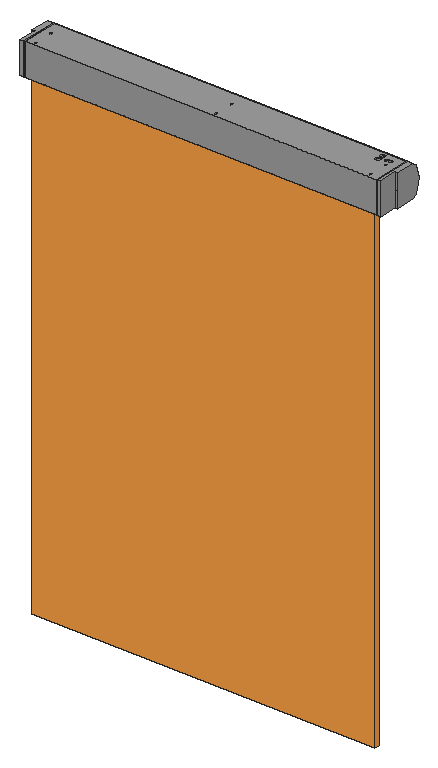
Revit family "Thermoscreens_AirCurtain_C2000NT", category Mechanical Equipment, Revit 2015
Parameters (values of type "C2000A NT")
  WarrantyStartDate(default) = "From date sold"
  WarrantyGuarantorParts = "2 years"
  WarrantyGuarantorLabour = "2 years"
  WarrantyDurationParts = "2 years"
  WarrantyDurationLabour = "2 years"
  WarrantyDescription = "Unit fully covered for 2 years"
  Version = "1.0"
  Uniclass2 = "G52HVAC"
  Type Comments = ""
  TgeNumber(default) = "n/a"
  SustainabilityPerformance = "n/a"
  Shape = "n/a"
  Weight (kg) = "31"
  Usage current = "1.1"
  Unit Width = 233.4 mm
  Unit Length = 2200 mm
  URL = "http://www.thermoscreens.com/"
  TubingLength = "n/a"
  ThermalMassHeatCapacity = "n/a"
  ThermalEfficiency = "n/a"
  TempertureClassification = "Low temperture"
  Supply (50Hz) = "230V~1P&N"
  Status = "New"
  Size = "1137 x 198 x 275"
  ServiceLifeType = "Full cover for 2 years"
  ServiceLifeDuration = "2years"
  SerialNumber(default) = "n/a"
  Right hand assembly = yes
  ReplacementCost = "n/a"
  ReferenceStandard = "n/a"
  Reference = "n/a"
  RatedVoltage = "230v+N"
  ProductionYear = "2015"
  Product URL = "http://www.thermoscreens.com/our-product-range/c-range"
  Process = "n/a"
  PowerFactor = "n/a"
  PowerCurrent = "1.0"
  PlacementType = "n/a"
  PhaseReference = "L1 L2 L3+N+E"
  PhaseAngle = "n/a"
  OutputCapacity = "n/a"
  NumberOfSections = "n/a"
  NumberOfPoles = "n/a"
  NumberOfPanels = "n/a"
  NominalWidth = "198mm"
  NominalVoltage = "n/a"
  NominalLength = "2200mm"
  NominalHeight = "275mm"
  NominalFrequencyRange = "n/a"
  NominalCurrent = "+5% of 230v"
  NBSTypeID = "n/a"
  NBSReference = "n/a"
  NBSNote = "n/a"
  NBSDecription = "Surface mounted air curtain"
  ModelReference = "C2000A NT"
  Model = "C2000A NT"
  Min to max offset from floor = "up to 3meters"
  MethodOfMeasurement = "mm"
  MaxiumMountingHeight = "3000"
  Max.Velocity (m/s) = "9.0"
  Max. Air Volume (m3/h) = "2500"
  Material = "20 gauge sheet steel"
  ManufacturerURL = "http://www.thermoscreens.com/"
  Manufacturer = "Thermoscreens LTD"
  Loading (A)*per phase = "1.1"
  LifeCyclePhase = "n/a"
  Left hand assembly = yes
  Keynote = ""
  IssueDate = "23/03/15"
  InsulationStandardClass = "n/a"
  InstallationDate(default) = "n/a"
  IfcExportType = "n/a"
  IfcExportAs = "n/a"
  IP_Code = "IP21"
  Help = "http://www.thermoscreens.com/contact-us"
  HeatTransferMedium = "n/a"
  HeatTransferDimension = "n/a"
  HeatSource = "Electric heated elements or low pressure hot water coils"
  Heat Output (kW) = "N/A"
  HasProtectiveEarth = "True"
  Grade = "n/a"
  Finish = "Corrision resistant pre-finished 20 gauge sheet steel"
  Filters (optional) = "PS media"
  Features = "n/a"
  Fans = "100mm forward curved metal bladed crossflow impellers"
  EnergySource = "n/a"
  ElectrialDeviceNominalPower = "n/a"
  DocumentReference = "n/a"
  Description = "Thermoscreens C range of air curtains are compact and are the ideal solution where space is at a premium. The air curtains will provide climate separation and available in standard widths of 1, 1.5 and 2m.  Models available are ambient (without heating), electrical or water heated versions. Water heated (LPHW) versions are available with 2 row coils. Motorised three port valves are supplied as standard with all LPHW models. Electrical and LPHW models are supplied complete with Ecopower control."
  Created By = "Daniel Smith"
  Cost = 0
  Constituents = "n/a"
  ConductorFunction = "n/a"
  Colour = "RAL standard 9010 (white) this can be changed upon request of the customer"
  CodePerformance = "n/a"
  Center Y = Unit Width / 2  # 116.7 mm
  Center X = Unit Length / 2  # 1100 mm
  BodyMass(kg) = "31"
  BarCode(default) = "n/a"
  BIMObjectName = "Thermoscreens_AirCurtian_C2000ANT"
  Author = "Thermoscreens ltd"
  AssetIdentifier(default) = "n/a"
  Air flow direction = yes
  Air flow = yes
  **dB(A) @3m Med = "54"
  **dB(A) @3m Low = "50"
  **dB(A) @3m High = "56"
Types (4, lengths in mm): name | Type Comments | Weight (kg) | Usage current | Supply (50Hz) | RatedVoltage | PowerCurrent | NominalCurrent | ModelReference | Model | Max.Velocity (m/s) | Loading (A)*per phase | Keynote | Heat Output (kW) | BodyMass(kg) | BIMObjectName
  (no name) | "" | "31" | "1.1" | "230V~1P&N" | "230v+N" | "1.0" | "+5% of 230v" | "C2000A NT" | "C2000A NT" | "9.0" | "1.1" | "" | "N/A" | "31" | "Thermoscreens_AirCurtian_C2000ANT"
  C2000A NT | "" | "31" | "1.1" | "230V~1P&N" | "230v+N" | "1.0" | "+5% of 230v" | "C2000A NT" | "C2000A NT" | "9.0" | "1.1" | "" | "N/A" | "31" | "Thermoscreens_AirCurtian_C2000ANT"
  C2000E NT | "0.0" | "33" | "27.2" | "400V~3P&N" | "400v+N" | "n/a" | "+5% of 400v" | "C2000E NT" | "C2000E NT" | "9.0" | "27.2" | "0.0" | "9/18" | "33" | "Thermoscreens_AirCurtian_C2000ENT"
  C2000W NT | "0.0" | "41" | "1.1" | "230V~1P&N" | "230v+N" | "n/a" | "+5% of 230v" | "C2000W NT" | "C2000W NT" | "8.5" | "1.1" | "0.0" | "12" | "41" | "Thermoscreens_AirCurtian_C2000WNT"
Reference planes
  plane 1 "Center (Front/Back)": y = 0
  plane 2: z = 3000
  plane 3 "Center (Left/Right)": x = 0
Forms (mm)
  Extrusion 1, solid, material "Default"
    sketch origin (0, 0, 3000) x (1, 0, 0) y (0, 1, 0)
      loop
        line (-1100, 116.7) -> (-1100, -116.7) -> (1100, -116.7) -> (1100, 116.7) -> (-1100, 116.7)
    from 0 to 1.2
  Extrusion 2, solid, material "Default"
    sketch origin (1100, -116.7, 3000) x (-1, 0, 0) y (0, 0, -1)
      loop
        line (0, 0) -> (0, -198) -> (2200, -198) -> (2200, 0) -> (0, 0)
    from 0 to -1.2
  Extrusion 3, solid, material "Default"
    sketch origin (1100, 116.7, 3000) x (0, -1, 0) y (0, 0, -1)
      loop
        line (233.4, -198) -> (233.4, 0) -> (0, 0) -> (0, -198) -> (233.4, -198)
    from 0 to -1.2
  Extrusion 4, solid, material "Default"
    sketch origin (-1100, -116.7, 3000) x (0, 1, 0) y (0, 0, -1)
      loop
        line (233.4, -198) -> (233.4, 0) -> (0, 0) -> (0, -198) -> (233.4, -198)
    from 0 to -1.2
  Extrusion 5, solid, material "Default"
    sketch origin (-1100, 116.7, 3198) x (0, -1, 0) y (1, 0, 0)
      loop
        line (0, 2198.914) -> (0, 0) -> (233.4, 0) -> (233.4, 2198.914) -> (0, 2198.914)
    from 0 to -1.2
  Extrusion 6, solid, material "Default"
    sketch origin (-1100, -116.7, 3198) x (0, 0, -1) y (0, -1, 0)
      loop
        line (198, -233.4) -> (0, -233.4) -> (15.363, -251.708)
        arc (15.363, -251.708) -> (99, -274.6) -> (182.637, -251.708) r 164.236
        line (182.637, -251.708) -> (198, -233.4)
    from 0 to -2200
  Extrusion 7, void
    sketch origin (-935, -116.7, 3000) x (-1, 0, 0) y (0, -1, 0)
      loop
        line (135, -21.2) -> (-2005, -21.2) -> (-2005, -51.2) -> (135, -51.2) -> (135, -21.2)
    from 0 to 20
  Extrusion 8, solid, material "Default"
    sketch origin (1100, -116.7, 3000) x (0, 0, 1) y (0, -1, 0)
      loop
        line (198, -233.4) -> (198, 0) -> (0, 0) -> (0, -233.4) -> (15.363, -251.708)
        arc (15.363, -251.708) -> (99, -274.6) -> (182.637, -251.708) r 164.236
        line (182.637, -251.708) -> (198, -233.4)
    from 0 to 25.1
  Extrusion 9, solid, material "Default"
    sketch origin (1125.1, -116.7, 3000) x (0, 0, 1) y (0, -1, 0)
      loop
        line (99, -111.7) -> (0, -111.7) -> (0, -233.4) -> (15.363, -251.708)
        arc (15.363, -251.708) -> (99, -274.6) -> (182.637, -251.708) r 164.236
        line (182.637, -251.708) -> (198, -233.4) -> (198, -111.7) -> (99, -111.7)
    from 0 to 15
  Extrusion 10, solid, material "Default"
    sketch origin (-1100, -116.7, 3198) x (0, 0, -1) y (0, -1, 0)
      loop
        line (0, 0) -> (0, -233.4) -> (15.363, -251.708)
        arc (15.363, -251.708) -> (99, -274.6) -> (182.637, -251.708) r 164.236
        line (182.637, -251.708) -> (198, -233.4) -> (198, 0) -> (0, 0)
    from 0 to 25.1
  Extrusion 11, solid, material "Default"
    sketch origin (-1125.1, -116.7, 3198) x (0, 0, -1) y (0, -1, 0)
      loop
        line (0, -233.4) -> (15.363, -251.708)
        arc (15.363, -251.708) -> (99, -274.6) -> (182.637, -251.708) r 164.236
        line (182.637, -251.708) -> (198, -233.4) -> (198, -111.7) -> (99, -111.7) -> (0, -111.7) -> (0, -233.4)
    from 0 to 15
  Extrusion 12, void
    sketch origin (1100, -116.7, 3198) x (0, -1, 0) y (-1, 0, 0)
      loop
        circle (-21, 2145.1) r 5
      loop
        circle (-141, 2145.1) r 5
      loop
        circle (-141, 54.9) r 5
      loop
        circle (-21, 54.9) r 5
    from 0 to 1.2
  Extrusion 13, void
    sketch origin (1100, -116.7, 3198) x (0, -1, 0) y (-1, 0, 0)
      loop
        circle (-195.093, 120.9) r 15
      loop
        circle (-162.093, 120.9) r 15
      loop
        circle (-177.093, 79.905) r 10
      loop
        circle (-177.093, 53.839) r 10
    from 0 to 1.2
  Extrusion 14, void
    sketch origin (1100, -116.7, 3198) x (0, -1, 0) y (-1, 0, 0)
      loop
        circle (-141, 1018.9) r 5
      loop
        circle (-21.2, 1018.9) r 5
    from 0 to 1.2
  Extrusion 15, solid, material "Default New Material", visible <- "Air flow"
    sketch origin (-1100, -116.7, 3000) x (0, -1, 0) y (-1, 0, 0)
      loop
        line (-51.2, -2170) -> (-21.2, -2170) -> (-21.2, -30) -> (-51.2, -30) -> (-51.2, -2170)
    from 0 to 3000
Cuts and joins
  Extrusion 7, Extrusion 12, Extrusion 13, Extrusion 14 cuts Extrusion 1
  Extrusion 7, Extrusion 12, Extrusion 13, Extrusion 14 cuts Extrusion 2
  Extrusion 7, Extrusion 12, Extrusion 13, Extrusion 14 cuts Extrusion 3
  Extrusion 7, Extrusion 12, Extrusion 13, Extrusion 14 cuts Extrusion 4
  Extrusion 7, Extrusion 12, Extrusion 13, Extrusion 14 cuts Extrusion 5
  joined: Extrusion 1, Extrusion 2, Extrusion 3, Extrusion 4, Extrusion 5
  joined: Extrusion 10, Extrusion 11
  joined: Extrusion 8, Extrusion 9
Lines and regions (mm)
  model lines, visible <- "Air flow direction", detail levels fine
    curve 1: line (0, -81.532, 2990) -> (0, -79.505, 2990)
    curve 2: line (0, -79.505, 2990) -> (0, -79.505, 2980)
    curve 3: line (0, -79.505, 2980) -> (0, -77.505, 2980)
    curve 4: line (0, -81.532, 2990) -> (0, -81.532, 2980)
    curve 5: line (0, -81.532, 2980) -> (0, -83.532, 2980)
    curve 6: line (0, -80.5, 2973) -> (0, -83.532, 2980)
    curve 7: line (0, -80.5, 2973) -> (0, -77.505, 2980)
Dimensions and locks
  "Center Y": plane 1 "Center (Front/Back)" to Extrusion 1 sketch curve
  "Unit Width": Extrusion 1 sketch curve to Extrusion 1 sketch curve
  "Center X": Extrusion 1 sketch curve to plane 3 "Center (Left/Right)"
  "Unit Length": Extrusion 1 sketch curve to Extrusion 1 sketch curve
  Extrusion 7 sketch curve to cut or joined group 1 (Extrusion 1, Extrusion 2, Extrusion 3, Extrusion 4, Extrusion 5, Extrusion 7, Extrusion 12, Extrusion 13, Extrusion 14) = 30 mm
  Extrusion 7 sketch curve to Extrusion 7 sketch curve = 2140 mm
  cut or joined group 1 to Extrusion 7 sketch curve = 20 mm
  Extrusion 12 sketch curve to Extrusion 11 = 95 mm  (x2)
  Extrusion 12 sketch curve to Extrusion 12 sketch curve = 120 mm  (x2)
  Extrusion 9 to Extrusion 12 sketch curve = 95 mm  (x2)
  cut or joined group 1 to Extrusion 12 sketch curve = 21 mm  (x2)
  Extrusion 9 to Extrusion 13 sketch curve = 161 mm  (x2)
  Extrusion 13 sketch curve to Extrusion 13 sketch curve = 33 mm
  aligned and locked: level to plane 2
Automatic sketch dimensions
  curve 6 to level = 20 mm
  plane 1 "Center (Front/Back)" to curve 6 = 83.532 mm
  curve 5 to curve 1 = 2 mm
  curve 6 to level = 27 mm
  curve 4 to curve 6 = 1.032 mm
  curve 1 to curve 2 = 2.027 mm
  curve 7 to level = 20 mm
  curve 2 to curve 7 = 2 mm
  curve 2 to curve 2 = 10 mm
  Extrusion 2 sketch curve to Extrusion 1 = 0 mm  (x3)
  Extrusion 2 sketch curve to Extrusion 1 = 196.8 mm
  Extrusion 3 sketch curve to Extrusion 1 = 0 mm  (x3)
  Extrusion 3 sketch curve to Extrusion 1 = 196.8 mm
  Extrusion 4 sketch curve to Extrusion 1 = 0 mm  (x3)
  Extrusion 4 sketch curve to Extrusion 1 = 196.8 mm
  Extrusion 5 sketch curve to Extrusion 4 = 0 mm  (x2)
  Extrusion 4 to Extrusion 5 sketch curve = 0 mm
  Extrusion 5 sketch curve to Extrusion 4 = 2197.714 mm
  Extrusion 6 sketch curve to Extrusion 2 = 0 mm  (x2)
  Extrusion 2 to Extrusion 6 sketch curve = 15.363 mm
  Extrusion 2 to Extrusion 6 sketch curve = 99 mm
  Extrusion 6 sketch curve to Extrusion 2 = 15.363 mm
  Extrusion 6 sketch curve to Extrusion 2 = 250.508 mm
  Extrusion 6 sketch curve to Extrusion 6 sketch curve = 18.308 mm
  Extrusion 6 sketch curve to Extrusion 2 = 109.164 mm
  Extrusion 2 to Extrusion 8 sketch curve = 0 mm
  Extrusion 8 sketch curve to Extrusion 2 = 0 mm  (x2)
  Extrusion 2 to Extrusion 8 sketch curve = 15.363 mm  (x2)
  Extrusion 2 to Extrusion 8 sketch curve = 99 mm
  Extrusion 8 sketch curve to Extrusion 2 = 109.164 mm
  Extrusion 8 sketch curve to Extrusion 8 sketch curve = 123.036 mm  (x2)
  Extrusion 8 sketch curve to Extrusion 8 sketch curve = 18.308 mm
  Extrusion 8 to Extrusion 9 sketch curve = 0 mm  (x2)
  Extrusion 9 sketch curve to Extrusion 8 = 0 mm  (x4)
  Extrusion 9 sketch curve to Extrusion 9 sketch curve = 0 mm
  Extrusion 9 sketch curve to Extrusion 9 sketch curve = 1.336 mm
  Extrusion 10 sketch curve to Extrusion 2 = 0 mm  (x3)
  Extrusion 2 to Extrusion 10 sketch curve = 15.363 mm
  Extrusion 2 to Extrusion 10 sketch curve = 99 mm
  Extrusion 10 sketch curve to Extrusion 2 = 15.363 mm
  Extrusion 10 sketch curve to Extrusion 2 = 109.164 mm
  Extrusion 10 sketch curve to Extrusion 10 sketch curve = 123.036 mm  (x2)
  Extrusion 10 sketch curve to Extrusion 10 sketch curve = 18.308 mm
  Extrusion 11 sketch curve to Extrusion 10 = 0 mm  (x5)
  Extrusion 10 to Extrusion 11 sketch curve = 0 mm
  Extrusion 11 sketch curve to Extrusion 11 sketch curve = 0 mm
  Extrusion 11 sketch curve to Extrusion 11 sketch curve = 1.336 mm
  Extrusion 14 sketch curve to Extrusion 2 = 139.8 mm
  Extrusion 14 sketch curve to Extrusion 2 = 20 mm
  Extrusion 14 sketch curve to Extrusion 2 = 1018.9 mm
  Extrusion 14 sketch curve to Extrusion 14 sketch curve = 0 mm
  Extrusion 7 sketch curve to Extrusion 7 sketch curve = 30 mm
  Extrusion 13 sketch curve to Extrusion 2 = 193.893 mm
  Extrusion 13 sketch curve to Extrusion 13 sketch curve = 15 mm
  Extrusion 13 sketch curve to Extrusion 13 sketch curve = 0 mm
  Extrusion 13 sketch curve to Extrusion 13 sketch curve = 40.995 mm
  Extrusion 13 sketch curve to Extrusion 13 sketch curve = 26.066 mm
  Extrusion 2 to Extrusion 15 sketch curve = 50 mm
  Extrusion 2 to Extrusion 15 sketch curve = 20 mm
  Extrusion 15 sketch curve to Extrusion 2 = 30 mm
  Extrusion 2 to Extrusion 15 sketch curve = 30 mm
  radius of Extrusion 9 sketch curve to Extrusion 8 = 0 mm
  radius of Extrusion 11 sketch curve to Extrusion 10 = 0 mm
  radius of Extrusion 14 sketch curve = 5 mm  (x2)
  radius of Extrusion 12 sketch curve = 5 mm  (x4)
  radius of Extrusion 13 sketch curve = 15 mm  (x2)
  radius of Extrusion 13 sketch curve = 10 mm  (x2)
Connectors
  piping at (-1045.1, 24.3, 3198), diameter 10
    settings: on cut or joined group 1, index 3, connector inside diameter 609.6 mm, connector length 0 mm, flow factor 0, pipe flow 0.0 L/s, pressure drop 0.0 Pa, fitting loss kfactor 0, connector angle 0.00°, fixture units 0, engagement length 0 mm, angle of deflection 0.00°, flow configuration 0, flow direction 0, fitting loss method 0, system type 28, joint type 0, gender type 0, connector reference index -1, connector utility 0, adjustable connector no, is connector primary yes, connector description ""
  piping at (-1045.1, -95.7, 3198), diameter 10
    settings: on cut or joined group 1, index 4, connector inside diameter 609.6 mm, connector length 0 mm, flow factor 0, pipe flow 0.0 L/s, pressure drop 0.0 Pa, fitting loss kfactor 0, connector angle 0.00°, fixture units 0, engagement length 0 mm, angle of deflection 0.00°, flow configuration 0, flow direction 0, fitting loss method 0, system type 28, joint type 0, gender type 0, connector reference index -1, connector utility 0, adjustable connector no, is connector primary no, connector description ""
  piping at (81.1, 24.3, 3196.8), diameter 10
    settings: on cut or joined group 1, index 5, connector inside diameter 609.6 mm, connector length 0 mm, flow factor 0, pipe flow 0.0 L/s, pressure drop 0.0 Pa, fitting loss kfactor 0, connector angle 0.00°, fixture units 0, engagement length 0 mm, angle of deflection 0.00°, flow configuration 0, flow direction 0, fitting loss method 0, system type 28, joint type 0, gender type 0, connector reference index -1, connector utility 0, adjustable connector no, is connector primary no, connector description ""
  piping at (81.1, -95.5, 3196.8), diameter 10
    settings: on cut or joined group 1, index 6, connector inside diameter 609.6 mm, connector length 0 mm, flow factor 0, pipe flow 0.0 L/s, pressure drop 0.0 Pa, fitting loss kfactor 0, connector angle 0.00°, fixture units 0, engagement length 0 mm, angle of deflection 0.00°, flow configuration 0, flow direction 0, fitting loss method 0, system type 28, joint type 0, gender type 0, connector reference index -1, connector utility 0, adjustable connector no, is connector primary no, connector description ""
  piping at (1045.1, 24.3, 3196.8), diameter 10
    settings: on cut or joined group 1, index 7, connector inside diameter 609.6 mm, connector length 0 mm, flow factor 0, pipe flow 0.0 L/s, pressure drop 0.0 Pa, fitting loss kfactor 0, connector angle 0.00°, fixture units 0, engagement length 0 mm, angle of deflection 0.00°, flow configuration 0, flow direction 0, fitting loss method 0, system type 28, joint type 0, gender type 0, connector reference index -1, connector utility 0, adjustable connector no, is connector primary no, connector description ""
  piping at (1045.1, -95.7, 3196.8), diameter 10
    settings: on cut or joined group 1, index 8, connector inside diameter 609.6 mm, connector length 0 mm, flow factor 0, pipe flow 0.0 L/s, pressure drop 0.0 Pa, fitting loss kfactor 0, connector angle 0.00°, fixture units 0, engagement length 0 mm, angle of deflection 0.00°, flow configuration 0, flow direction 0, fitting loss method 0, system type 28, joint type 0, gender type 0, connector reference index -1, connector utility 0, adjustable connector no, is connector primary no, connector description ""
  electrical at (1020.095, 60.393, 3196.8)
    settings: on cut or joined group 1, index 9, voltage 0 V, apparent load 0 VA, apparent load phase1 0 VA, apparent load phase2 0 VA, apparent load phase3 0 VA, power factor 1, load classification "Other", number of poles 1, system type 14, power factor state 1, is connector primary yes, connector utility no, sub classification motor no, connector description ""
  electrical at (1046.161, 60.393, 3198)
    settings: on cut or joined group 1, index 10, voltage 0 V, apparent load 0 VA, apparent load phase1 0 VA, apparent load phase2 0 VA, apparent load phase3 0 VA, power factor 1, load classification "Other", number of poles 1, system type 14, power factor state 1, is connector primary no, connector utility no, sub classification motor no, connector description ""
  piping at (979.1, 78.393, 3196.8), diameter 30
    settings: on cut or joined group 1, index 11, connector inside diameter 609.6 mm, connector length 0 mm, flow factor 0, pipe flow 0.0 L/s, pressure drop 0.0 Pa, fitting loss kfactor 0, connector angle 0.00°, fixture units 0, engagement length 0 mm, angle of deflection 0.00°, flow configuration 0, flow direction 1, fitting loss method 0, system type 19, joint type 0, gender type 0, connector reference index -1, connector utility 0, adjustable connector no, is connector primary no, connector description ""
  piping at (979.1, 45.393, 3196.8), diameter 30
    settings: on cut or joined group 1, index 12, connector inside diameter 609.6 mm, connector length 0 mm, flow factor 0, pipe flow 0.0 L/s, pressure drop 0.0 Pa, fitting loss kfactor 0, connector angle 0.00°, fixture units 0, engagement length 0 mm, angle of deflection 0.00°, flow configuration 0, flow direction 2, fitting loss method 4, system type 19, joint type 0, gender type 0, connector reference index -1, connector utility 0, adjustable connector no, is connector primary no, connector description ""
